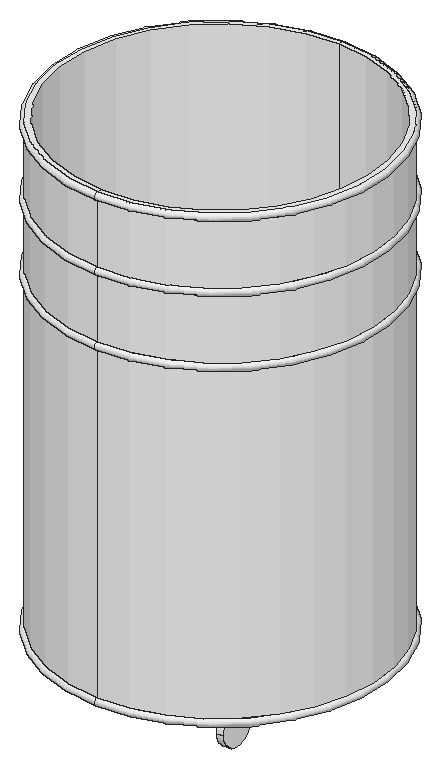
Revit family
Parameters
  Wheel Base = 200 mm
  Material Bin = Metal - Steel Galvanised
  Height = 1520 mm
  Diameter = 915 mm
  Base Height = 150 mm
Reference planes
  plane 1 "Center (Front/Back)": y = -173.194
  plane 2: z = 0
  plane 3 "Center (Left/Right)": x = 191.965
  plane 4: z = 1520
  plane 5: z = 150
  plane 6: y = 284.306
  plane 7: y = -630.694
  plane 8: y = 26.806
  plane 9: y = -373.194
  plane 10: x = -8.035
  plane 11: x = 391.965
Forms (mm)
  Revolve 1, solid, material "Metal - Steel Galvanised" <- "Material Bin"
    sketch origin (191.965, 0, 0) x (0, 1, 0) y (0, 0, 1)
      loop
        line (284.306, 170) -> (284.306, 1100)
        arc (284.306, 1100) -> (294.306, 1110) -> (284.306, 1120) r 10
        line (284.306, 1120) -> (284.306, 1300)
        arc (284.306, 1300) -> (294.306, 1310) -> (284.306, 1320) r 10
        line (284.306, 1320) -> (284.306, 1500)
        arc (284.306, 1500) -> (294.306, 1510) -> (284.306, 1520) r 10
        line (284.306, 1520) -> (269.306, 1520) -> (269.306, 170) -> (-173.194, 170) -> (-173.194, 150) -> (284.306, 150)
        arc (284.306, 150) -> (294.306, 160) -> (284.306, 170) r 10
      axis (-173.194, 1520) -> (-173.194, 150)
    angle from 0 to 360
  Extrusion 2, solid, material "Metal - Steel Galvanised" <- "Material Bin"
    sketch origin (0, 0, 0) x (1, 0, 0) y (0, 1, 0)
      loop
        line (-48.035, 66.806) -> (-48.035, -13.194) -> (31.965, -13.194) -> (31.965, 66.806) -> (-48.035, 66.806)
    from 100 to 150
  Extrusion 3, solid, material "Metal - Steel Galvanised" <- "Material Bin"
    sketch origin (-8.035, 18.771, 0) x (0, -1, 0) y (0, 0, 1)
      loop
        circle (-8.035, 50) r 50
    from -10 to 10
  Extrusion 4, solid, material "Metal - Steel Galvanised" <- "Material Bin"
    sketch origin (400, 0, 0) x (1, 0, 0) y (0, 1, 0)
      loop
        line (-48.035, 66.806) -> (-48.035, -13.194) -> (31.965, -13.194) -> (31.965, 66.806) -> (-48.035, 66.806)
    from 100 to 150
  Extrusion 5, solid, material "Metal - Steel Galvanised" <- "Material Bin"
    sketch origin (391.965, 18.771, 0) x (0, -1, 0) y (0, 0, 1)
      loop
        circle (-8.035, 50) r 50
    from -10 to 10
  Extrusion 6, solid, material "Metal - Steel Galvanised" <- "Material Bin"
    sketch origin (0, -400, 0) x (1, 0, 0) y (0, 1, 0)
      loop
        line (-48.035, 66.806) -> (-48.035, -13.194) -> (31.965, -13.194) -> (31.965, 66.806) -> (-48.035, 66.806)
    from 100 to 150
  Extrusion 7, solid, material "Metal - Steel Galvanised" <- "Material Bin"
    sketch origin (-8.035, -381.229, 0) x (0, -1, 0) y (0, 0, 1)
      loop
        circle (-8.035, 50) r 50
    from -10 to 10
  Extrusion 8, solid, material "Metal - Steel Galvanised" <- "Material Bin"
    sketch origin (400, -400, 0) x (1, 0, 0) y (0, 1, 0)
      loop
        line (-48.035, 66.806) -> (-48.035, -13.194) -> (31.965, -13.194) -> (31.965, 66.806) -> (-48.035, 66.806)
    from 100 to 150
  Extrusion 9, solid, material "Metal - Steel Galvanised" <- "Material Bin"
    sketch origin (391.965, -381.229, 0) x (0, -1, 0) y (0, 0, 1)
      loop
        circle (-8.035, 50) r 50
    from -10 to 10
Dimensions and locks
  "Height": plane 4 to level
  "Base Height": plane 5 to level
  equal spacing: plane 7, plane 1 "Center (Front/Back)", plane 6
  "Diameter": plane 7 to plane 6
  "Wheel Base": plane 9 to plane 1 "Center (Front/Back)"
  "Wheel Base": plane 1 "Center (Front/Back)" to plane 8
  "Wheel Base": plane 3 "Center (Left/Right)" to plane 11
  "Wheel Base": plane 10 to plane 3 "Center (Left/Right)"
  aligned and locked: Revolve 1 sketch curve to plane 1 "Center (Front/Back)"
  aligned and locked: Revolve 1 sketch curve to Revolve 1 sketch curve  (x2)
  aligned and locked: Extrusion 2 to plane 5
  aligned and locked: plane 5 to Extrusion 2
Automatic sketch dimensions
  Revolve 1 sketch curve to plane 1 "Center (Front/Back)" = 0 mm
  Revolve 1 sketch curve to plane 5 = 0 mm
  Revolve 1 sketch curve to plane 4 = 0 mm
  Revolve 1 sketch curve to plane 6 = 0 mm
  Revolve 1 sketch curve to Revolve 1 sketch curve = 10 mm  (x3)
  plane 4 to Revolve 1 sketch curve = 420 mm
  Revolve 1 sketch curve to Revolve 1 sketch curve = 180 mm
  plane 4 to Revolve 1 sketch curve = 20 mm
  plane 6 to Revolve 1 sketch curve = 15 mm
  Revolve 1 sketch curve to Revolve 1 sketch curve = 20 mm
  Revolve 1 sketch curve to level = 479.658 mm
  Revolve 1 sketch curve to plane 4 = 1288.254 mm
  Extrusion 2 sketch curve to plane 10 = 40 mm
  plane 8 to Extrusion 2 sketch curve = 40 mm
  Extrusion 2 sketch curve to plane 8 = 40 mm
  plane 10 to Extrusion 2 sketch curve = 40 mm
  level to Extrusion 3 sketch curve = 50 mm
  Extrusion 3 sketch curve to plane 8 = 0 mm
  plane 11 to Extrusion 4 sketch curve = 40 mm
  Extrusion 4 sketch curve to plane 11 = 40 mm
  plane 8 to Extrusion 4 sketch curve = 40 mm
  Extrusion 4 sketch curve to plane 8 = 40 mm
  Extrusion 5 sketch curve to plane 8 = 0 mm
  level to Extrusion 5 sketch curve = 50 mm
  plane 10 to Extrusion 6 sketch curve = 40 mm
  Extrusion 6 sketch curve to plane 10 = 40 mm
  plane 9 to Extrusion 6 sketch curve = 40 mm
  Extrusion 6 sketch curve to plane 9 = 40 mm
  Extrusion 7 sketch curve to plane 9 = 0 mm
  level to Extrusion 7 sketch curve = 50 mm
  plane 11 to Extrusion 8 sketch curve = 40 mm
  Extrusion 8 sketch curve to plane 11 = 40 mm
  plane 9 to Extrusion 8 sketch curve = 40 mm
  Extrusion 8 sketch curve to plane 9 = 40 mm
  Extrusion 9 sketch curve to plane 9 = 0 mm
  level to Extrusion 9 sketch curve = 50 mm
  radius of Extrusion 3 sketch curve = 50 mm
  radius of Extrusion 5 sketch curve = 50 mm
  radius of Extrusion 7 sketch curve = 50 mm
  radius of Extrusion 9 sketch curve = 50 mm
